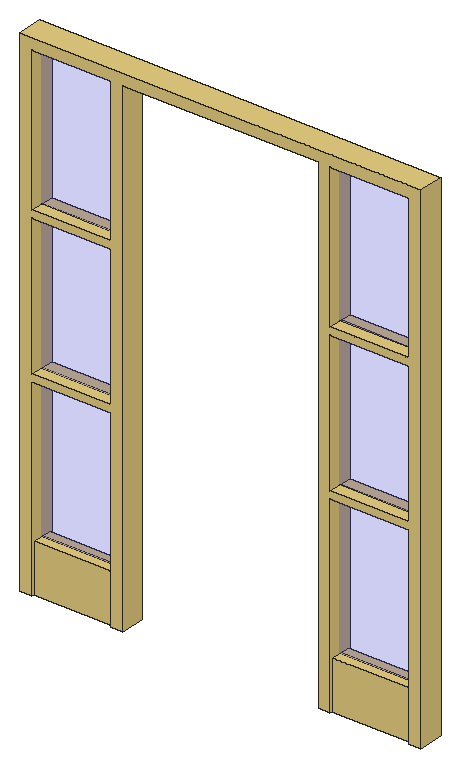
Revit family "DSP_A3-AC-Doors-FDS6", category Doors, host Wall, Revit 2016
Family settings
  Host = Wall
  Always vertical = Yes
  Cut with Voids When Loaded = No
  Shared = No
  Room Calculation Point = No
Parameters (values of type "AC Door")
  URL for TCP = "http://www.tcpbim.co.za"
  URL = "http://www.a3architects.co.za/"
  Manufacturer = "A3 Architects"
  Made by = "Tolani Civil Projects cc"
  Height = 2080 mm
  Wall Closure = By host
  Width = 1793 mm
  Glass Thickness = 8 mm
  Glass Material = Glass
  Function = Interior
  Frame Width = 102 mm
  Frame Material = Meranti Wood
  Frame Depth = 48 mm
Reference planes
  plane 1 "Center Wall": y = 0
  plane 2 "Center (Left/Right)": x = -64.176
  plane 3 "Left": x = -896.5
  plane 4 "Right": x = 768.149
  plane 5: z = 2080
  plane 6 "Exterior": y = 75
  plane 7 "Interior": y = -75
  plane 8: x = 342.324
  plane 9: x = -470.676
  plane 10: z = 1421.333
  plane 11: z = 810.667
Forms (mm)
  Sweep 1, solid, material "Meranti Wood" <- "Frame Material", detail levels medium+fine
    path origin (0, 0, 0) x (1, 0, 0) y (0, 0, 1)
      loop
        line (768.149, 0) -> (768.149, 2080) -> (-896.5, 2080) -> (-896.5, 0)
    profile origin (-64.176, 0, 2080) x (0, 0, -1) y (0, -1, 0)
      loop
        line (0, -51) -> (48, -51) -> (48, 51) -> (0, 51) -> (0, -51)
  Sweep 2, solid, material "Meranti Wood" <- "Frame Material", detail levels medium+fine
    path origin (0, 0, 0) x (1, 0, 0) y (0, 0, 1)
      loop
        line (342.324, 0) -> (342.324, 2080)
    profile origin (342.324, 0, 1040) x (-1, 0, 0) y (0, -1, 0)
      loop
        line (0, -51) -> (0, 51) -> (-48, 51) -> (-48, -51) -> (0, -51)
  Sweep 3, solid, material "Meranti Wood" <- "Frame Material", detail levels medium+fine
    path origin (0, 0, 0) x (1, 0, 0) y (0, 0, 1)
      loop
        line (-470.676, 0) -> (-470.676, 2080)
    profile origin (-470.676, 0, 1040) x (-1, 0, 0) y (0, -1, 0)
      loop
        line (48, -51) -> (48, 51) -> (0, 51) -> (0, -51) -> (48, -51)
  Extrusion 4, solid, material "Meranti Wood" <- "Frame Material", detail levels medium+fine
    sketch origin (0, 0, 0) x (1, 0, 0) y (0, 0, 1)
      loop
        line (720.149, 200) -> (390.324, 200) -> (390.324, 0) -> (720.149, 0) -> (720.149, 200)
      loop
        line (-518.676, 200) -> (-848.5, 200) -> (-848.5, 0) -> (-518.676, 0) -> (-518.676, 200)
    from -40 to 40
  Sweep 5, solid, material "Meranti Wood" <- "Frame Material", detail levels medium+fine
    path origin (0, 0, 0) x (1, 0, 0) y (0, 0, 1)
      loop
        line (720.149, 810.667) -> (390.324, 810.667)
    profile origin (555.237, 0, 810.667) x (0, 0, -1) y (0, -1, 0)
      loop
        line (-15, -51) -> (15, -51) -> (15, 51) -> (-15, 51) -> (-15, -51)
  Sweep 6, solid, material "Meranti Wood" <- "Frame Material", detail levels medium+fine
    path origin (-1200, 0, 0) x (1, 0, 0) y (0, 0, 1)
      loop
        line (681.324, 810.667) -> (351.5, 810.667)
    profile origin (-683.588, 0, 810.667) x (0, 0, -1) y (0, -1, 0)
      loop
        line (-15, -51) -> (15, -51) -> (15, 51) -> (-15, 51) -> (-15, -51)
  Sweep 7, solid, material "Meranti Wood" <- "Frame Material", detail levels medium+fine
    path origin (-1200, 0, 660) x (1, 0, 0) y (0, 0, 1)
      loop
        line (681.324, 761.333) -> (351.5, 761.333)
    profile origin (-683.588, 0, 1421.333) x (0, 0, -1) y (0, -1, 0)
      loop
        line (-15, -51) -> (15, -51) -> (15, 51) -> (-15, 51) -> (-15, -51)
  Sweep 8, solid, material "Meranti Wood" <- "Frame Material", detail levels medium+fine
    path origin (-60, 0, 660) x (1, 0, 0) y (0, 0, 1)
      loop
        line (780.149, 761.333) -> (450.324, 761.333)
    profile origin (555.237, 0, 1421.333) x (0, 0, -1) y (0, -1, 0)
      loop
        line (-15, -51) -> (15, -51) -> (15, 51) -> (-15, 51) -> (-15, -51)
  Extrusion 9, solid, material "Glass" <- "Glass Material", detail levels medium+fine
    sketch origin (0, 0, 0) x (1, 0, 0) y (0, 0, 1)
      loop
        line (720.149, 2032) -> (390.324, 2032) -> (390.324, 1436.333) -> (720.149, 1436.333) -> (720.149, 2032)
      loop
        line (720.149, 1406.333) -> (390.324, 1406.333) -> (390.324, 825.667) -> (720.149, 825.667) -> (720.149, 1406.333)
      loop
        line (720.149, 795.667) -> (390.324, 795.667) -> (390.324, 200) -> (720.149, 200) -> (720.149, 795.667)
      loop
        line (-518.676, 795.667) -> (-848.5, 795.667) -> (-848.5, 200) -> (-518.676, 200) -> (-518.676, 795.667)
      loop
        line (-518.676, 1406.333) -> (-848.5, 1406.333) -> (-848.5, 825.667) -> (-518.676, 825.667) -> (-518.676, 1406.333)
      loop
        line (-518.676, 2032) -> (-848.5, 2032) -> (-848.5, 1436.333) -> (-518.676, 1436.333) -> (-518.676, 2032)
    from -4 to 4
Cuts and joins
  joined: Sweep 1, Sweep 2, Sweep 3, Sweep 5, Sweep 6, Sweep 7, Sweep 8
Lines and regions (mm)
  Opening 1
    outline origin (-3050, -75, 0) x (1, 0, 0) y (0, 0, 1)
      loop
        line (2153.5, 0) -> (3818.149, 0) -> (3818.149, 2080) -> (2153.5, 2080) -> (2153.5, 0)
Text (mm)
  text "Exterior" at (-2295.016, 1099.543, 0), in view "Ref. Level"
  text "Exterior" at (0, 1615.38, 3698.081), in view "Left"
  text "Exterior" at (0, 1036.032, 3874.932), in view "Right"
Dimensions and locks
  equal spacing: plane 3 "Left", plane 2 "Center (Left/Right)", plane 4 "Right"
  plane 3 "Left" to plane 4 "Right" = 1664.649 mm
  "Height": plane 5 to host wall
  equal spacing: Extrusion 4, plane 11, plane 10, cut or joined group of Sweep 1, Sweep 2, Sweep 3, Sweep 5, Sweep 6, Sweep 7, Sweep 8
  host wall to plane 5 = 2080 mm
  locked: plane 6 "Exterior" to host wall at 0
  locked: plane 7 "Interior" to host wall
  locked: plane 9 to plane 8 at 813
  equal spacing: plane 9, plane 2 "Center (Left/Right)", plane 8
  equal spacing: Sweep 1 sketch curve, profile plane, Sweep 1 sketch curve
  "Frame Width": Sweep 1 sketch curve to Sweep 1 sketch curve
  "Frame Depth": Sweep 1 sketch curve to Sweep 1 sketch curve
  equal spacing: Sweep 2 sketch curve, profile plane, Sweep 2 sketch curve
  "Frame Width": Sweep 2 sketch curve to Sweep 2 sketch curve
  "Frame Depth": Sweep 2 sketch curve to Sweep 2 sketch curve
  equal spacing: Sweep 3 sketch curve, profile plane, Sweep 3 sketch curve
  "Frame Width": Sweep 3 sketch curve to Sweep 3 sketch curve
  "Frame Depth": Sweep 3 sketch curve to Sweep 3 sketch curve
  locked: Extrusion 4 sketch curve to Extrusion 4 sketch curve at 200
  equal spacing: Extrusion 4, plane 1 "Center Wall", Extrusion 4
  locked: Extrusion 4 to Extrusion 4 at 80
  equal spacing: Sweep 5 sketch curve, profile plane, Sweep 5 sketch curve
  locked: Sweep 5 sketch curve to Sweep 5 sketch curve at 30
  equal spacing: Sweep 6 sketch curve, profile plane, Sweep 6 sketch curve
  locked: Sweep 6 sketch curve to Sweep 6 sketch curve at 30
  equal spacing: Sweep 7 sketch curve, profile plane, Sweep 7 sketch curve
  locked: Sweep 7 sketch curve to Sweep 7 sketch curve at 30
  equal spacing: Sweep 8 sketch curve, profile plane, Sweep 8 sketch curve
  locked: Sweep 8 sketch curve to Sweep 8 sketch curve at 30
  equal spacing: Extrusion 9, plane 1 "Center Wall", Extrusion 9
  "Glass Thickness": Extrusion 9 to Extrusion 9
  aligned and locked: plane 5 to Opening 1 sketch curve  (x2)
  aligned and locked: Opening 1 sketch curve to plane 4 "Right"
  aligned and locked: Opening 1 sketch curve to level
  aligned and locked: plane 1 "Center Wall" to host wall
  aligned and locked: plane 3 "Left" to Opening 1 sketch curve
  aligned and locked: plane 5 to Sweep 1 sketch curve
  aligned and locked: Sweep 1 sketch curve to plane 4 "Right"
  aligned and locked: Sweep 1 sketch curve to plane 3 "Left"
  aligned and locked: level to Sweep 1 sketch curve  (x2)
  aligned and locked: Sweep 1 sketch curve to profile plane
  aligned and locked: plane 8 to Sweep 2 sketch curve
  aligned and locked: level to Sweep 2 sketch curve
  aligned and locked: plane 5 to Sweep 2 sketch curve
  aligned and locked: profile plane to Sweep 2 sketch curve
  aligned and locked: plane 5 to Sweep 3 sketch curve
  aligned and locked: level to Sweep 3 sketch curve
  aligned and locked: plane 9 to Sweep 3 sketch curve
  aligned and locked: Sweep 3 sketch curve to profile plane
  aligned and locked: cut or joined group of Sweep 1, Sweep 2, Sweep 3, Sweep 5, Sweep 6, Sweep 7, Sweep 8 to Extrusion 4 sketch curve  (x3)
  aligned and locked: level to Extrusion 4 sketch curve  (x2)
  aligned and locked: Extrusion 4 sketch curve to cut or joined group of Sweep 1, Sweep 2, Sweep 3, Sweep 5, Sweep 6, Sweep 7, Sweep 8
  aligned and locked: Extrusion 4 sketch curve to Extrusion 4 sketch curve
  aligned and locked: cut or joined group of Sweep 1, Sweep 2, Sweep 3, Sweep 5, Sweep 6, Sweep 7, Sweep 8 to Sweep 5 sketch curve  (x2)
  aligned and locked: Sweep 5 sketch curve to plane 11
  aligned and locked: Sweep 5 sketch curve to cut or joined group of Sweep 1, Sweep 2, Sweep 3, Sweep 5, Sweep 6, Sweep 7, Sweep 8  (x2)
  aligned and locked: Sweep 6 sketch curve to plane 11
  aligned and locked: cut or joined group of Sweep 1, Sweep 2, Sweep 3, Sweep 5, Sweep 6, Sweep 7, Sweep 8 to Sweep 6 sketch curve  (x2)
  aligned and locked: Sweep 6 sketch curve to cut or joined group of Sweep 1, Sweep 2, Sweep 3, Sweep 5, Sweep 6, Sweep 7, Sweep 8  (x2)
  aligned and locked: cut or joined group of Sweep 1, Sweep 2, Sweep 3, Sweep 5, Sweep 6, Sweep 7, Sweep 8 to Sweep 7 sketch curve  (x2)
  aligned and locked: Sweep 7 sketch curve to plane 10
  aligned and locked: Sweep 7 sketch curve to cut or joined group of Sweep 1, Sweep 2, Sweep 3, Sweep 5, Sweep 6, Sweep 7, Sweep 8  (x2)
  aligned and locked: Sweep 8 sketch curve to cut or joined group of Sweep 1, Sweep 2, Sweep 3, Sweep 5, Sweep 6, Sweep 7, Sweep 8  (x2)
  aligned and locked: cut or joined group of Sweep 1, Sweep 2, Sweep 3, Sweep 5, Sweep 6, Sweep 7, Sweep 8 to Sweep 8 sketch curve  (x2)
  aligned and locked: Sweep 8 sketch curve to plane 10
  aligned and locked: cut or joined group of Sweep 1, Sweep 2, Sweep 3, Sweep 5, Sweep 6, Sweep 7, Sweep 8 to Extrusion 9 sketch curve  (x14)
  aligned and locked: Extrusion 9 sketch curve to cut or joined group of Sweep 1, Sweep 2, Sweep 3, Sweep 5, Sweep 6, Sweep 7, Sweep 8  (x8)
  aligned and locked: Extrusion 9 sketch curve to Extrusion 4  (x2)
